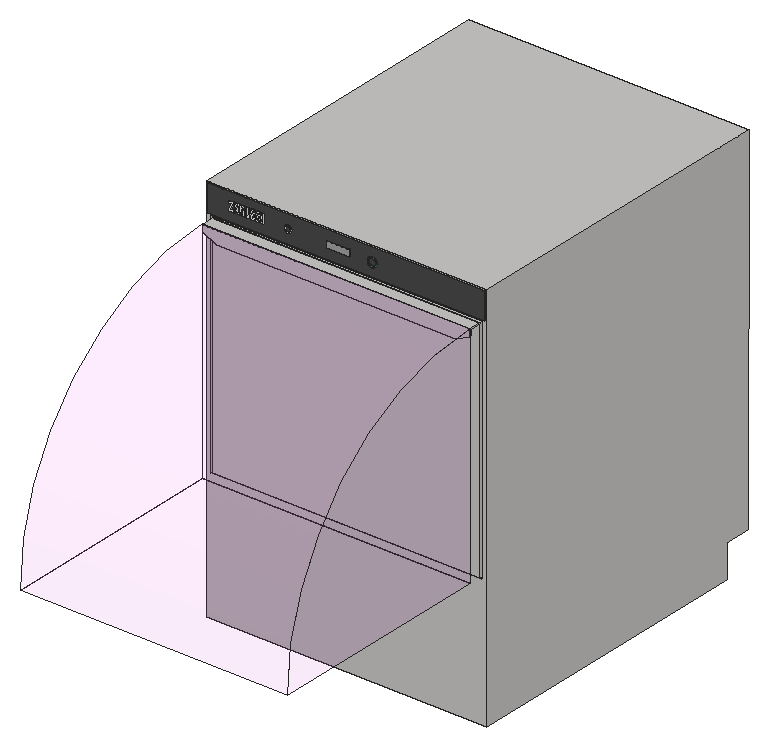
Revit family "QF_ZANUSSI_402315_ZXLIG", category Attrezzature speciali, Revit 2020
Family settings
  Quota connettore circolare = Usa diametro
  Tipo di parte = Normale
  Basato su piano di lavoro = No
  Sempre verticale = Sì
  Taglio con vuoti quando caricato = No
  Condiviso = Sì
  Punto di calcolo locali = No
Parameters (values of type "Standard")
  Weight = 164.244 lbm
  Watts = 6650 W
  Volts = 380 V
  URL Manufacturer = "http://www.zanussiprofessional.com"
  URL = "http://www.zanussiprofessional.com"
  Steam Supply Size = 0"
  Steam Supply Minimum Pressure = 0.00 psi
  Steam Supply Maximum Pressure = 0.00 psi
  Steam Consumption per Hour = 0
  Show Logo [instance] = yes
  Show Clearance [instance] = yes
  Refrigeration Suction Line Size = 0 mm
  Refrigeration Liquid Line Size = 0 mm
  Refrigerant Compressor Remote = yes
  Prospetto di default = 0 mm
  Produttore = "Zanussi"
  Phase = 3
  Modello = "ZXLIG"
  Length Actual = 600 mm  # constant formula
  Item Number = "402315"
  Hot Water Size = 3/4"
  Height Actual = 850 mm  # constant formula
  HP = "8.9 HP"
  Gas Size = 0"
  Gas KW = 0
  Gas Input Pressure = 0.0 Btu/h
  Direct Waste Size = 1.14173"
  Descrizione = "UNDERCOUNTER(XL) DOUBLE SKIN, 600X400, DRAIN PUMP, DETERGENT DISPENSER, 360T/H"
  Depth Actual = 703 mm  # constant formula
  Cycle = 50 Hz
  Condensate Return Size = 0"
  Compressed Air Volume = 0 GPM
  Compressed Air Size = 0"
  Compressed Air Pressure = 0.00 psi
  Cold Water Size = 3/4"
  Accessory = yes
Reference planes
  plane 1 "BACK": y = 0
  plane 2: z = 0
  plane 3 "LEFT": x = 0
  plane 4 "RIGHT": x = 600
  plane 5 "FRONT": y = -703
  plane 6 "TOP": z = 850
  plane 7: z = 80
  plane 8: z = 818.5
Forms (mm)
  Extrusion 1, solid, material "QF_Finishes_Stainless Steel"
    sketch origin (626.404, -56, 162.714) x (1, 0, 0) y (0, 0, 1)
      loop
        line (-392.404, -132.714) -> (-392.404, -152.714) -> (-372.404, -152.714) -> (-372.404, -132.714) -> (-392.404, -132.714)
    from 0 to 2
  Extrusion 2, solid, material "QF_Finishes_Stainless Steel"
    sketch origin (517.814, -53, 209.692) x (1, 0, 0) y (0, 0, 1)
      loop
        circle (-372.814, -140.692) r 8
    from 0 to 5
  Extrusion 3, solid, material "QF_Finishes_Stainless Steel"
    sketch origin (0, 0, 0) x (0, 1, 0) y (0, 0, 1)
      loop
        line (0, 850) -> (-703, 850) -> (-703, 10) -> (-58, 10) -> (-58, 80) -> (0, 80) -> (0, 850)
    from 0 to 600
  Extrusion 4, void
    sketch origin (0, 0, 0) x (0, 1, 0) y (0, 0, 1)
      loop
        line (-673, 787) -> (-703, 787) -> (-703, 290) -> (-673, 290) -> (-673, 787)
    from 7.744 to 591.897
  Extrusion 5, solid, material "QF_Finishes_Stainless Steel"
    sketch origin (0, 0, 0) x (0, 1, 0) y (0, 0, 1)
      loop
        line (-678, 782) -> (-703, 782) -> (-703, 292) -> (-678, 292) -> (-678, 782)
    from 12.721 to 586.909
  Extrusion 6, solid, material "QF_Finishes_Black"
    sketch origin (0, 0, 0) x (0, 1, 0) y (0, 0, 1)
      loop
        line (-703, 790) -> (-703, 847) -> (-703.8, 847) -> (-703.8, 790) -> (-703, 790)
    from 3.223 to 597.012
  Revolve 7, solid, material "QF_Finishes_Door Clearance", visible <- "Show Clearance"
    sketch origin (-5.479, -730, 0) x (1, 0, 0) y (0, 0, 1)
      loop
        line (18.265, 782) -> (18.265, 292) -> (592.547, 292) -> (592.547, 782) -> (18.265, 782)
      axis (592.547, 292) -> (18.265, 292)
    angle from 0 to -90
  Extrusion 8, solid, material "QF_Finishes_Stainless Steel"
    sketch origin (717.814, -53, 209.692) x (1, 0, 0) y (0, 0, 1)
      loop
        circle (-372.814, -140.692) r 8
    from 0 to 5
  Extrusion 9, solid, material "QF_Finishes_White"
    sketch origin (340.42, 40.329, 905.129) x (0, 0, 1) y (-1, 0, 0)
      loop
        circle (-86.629, 165.416) r 6.968
      loop
        circle (-86.629, 165.416) r 5.984
    from 744.129 to 744.929
  Extrusion 10, solid, material "QF_Finishes_Green"
    sketch origin (2.852, -702.527, 759.164) x (0, 0, 1) y (-1, 0, 0)
      loop
        circle (59.336, -352.917) r 10
      loop
        circle (59.336, -352.917) r 8
    from 1.273 to 2.073
  Extrusion 11, solid, material "QF_Finishes_Gray"
    sketch origin (547.744, -700.664, 903) x (0, 0, 1) y (-1, 0, 0)
      loop
        line (-77, 290) -> (-92, 290) -> (-92, 240) -> (-77, 240) -> (-77, 290)
    from 3.136 to 3.936
Cuts and joins
  Extrusion 4 cuts Extrusion 3
Dimensions and locks
  plane 1 "BACK" to plane 5 "FRONT" = 703 mm
  plane 4 "RIGHT" to plane 3 "LEFT" = 600 mm
  plane 6 "TOP" to level = 850 mm
  plane 3 "LEFT" to plane 4 "RIGHT" = 600 mm
  plane 5 "FRONT" to plane 1 "BACK" = 703 mm
  plane 6 "TOP" to plane 2 = 850 mm
  plane 7 to plane 2 = 80 mm
  cut or joined group of Extrusion 3, Extrusion 4 to Revolve 7 = 1220 mm
  aligned and locked: level to plane 2
Nested families
  nested 1: "Piedino 10x12.5 mm - DISHWASHING" at (566.5, -669.5, 0), type "Piedino 10x12.5 mm - DISHWASHING"
  nested 2: "Piedino 10x12.5 mm - DISHWASHING" at (33.5, -669.5, 0) x (-1, 0, 0) z (0, 0, 1), type "Piedino 10x12.5 mm - DISHWASHING"
  nested 3: "Piedino 10x12.5 mm - DISHWASHING" at (566.5, -91.5, 0), type "Piedino 10x12.5 mm - DISHWASHING"
  nested 4: "Piedino 10x12.5 mm - DISHWASHING" at (33.5, -91.5, 0) x (-1, 0, 0) z (0, 0, 1), type "Piedino 10x12.5 mm - DISHWASHING"
  nested 5: "ZANUSSI_Logo - WHITE" at (89.92, -703.8, 869) x (1, 0, 0) z (0, -1, 0), visible <- "Show Logo", Show Logo <- "Show Logo", type "ZANUSSI_Logo - WHITE"
    with Show Logo yes
  nested 6: "MANIGLIA_SLIM_ZANUSSI_DISHWASHING_574" at (299.927, -703, 782) x (1, 0, 0) z (0, -1, 0), type "MANIGLIA_SLIM_ZANUSSI_DISHWASHING_574"
Connectors
  electrical at (244, -56, 20)
    settings: on Extrusion 1, index 3, voltage 0 V, apparent load 0 VA, apparent load phase1 0 VA, apparent load phase2 0 VA, apparent load phase3 0 VA, power factor 1, load classification "Altro", number of poles 1, system type 30, power factor state 1, is connector primary yes, connector utility no, sub classification motor no, connector description "EI"
  piping at (145, -53, 69), diameter 12.7
    settings: on Extrusion 2, index 4, connector inside diameter 24", connector length 0 mm, flow factor 0, pipe flow 0 GPM, pressure drop 0.00 psi, fitting loss kfactor 0, connector angle 0.00°, fixture units 0, engagement length 0 mm, angle of deflection 0.00°, flow configuration 0, flow direction 0, fitting loss method 0, system type 29, joint type 0, gender type 0, connector reference index -1, connector utility 0, adjustable connector no, is connector primary yes, connector description "WI"
  piping at (345, -53, 69), diameter 12.7
    settings: on Extrusion 8, index 5, connector inside diameter 24", connector length 0 mm, flow factor 0, pipe flow 0 GPM, pressure drop 0.00 psi, fitting loss kfactor 0, connector angle 0.00°, fixture units 0, engagement length 0 mm, angle of deflection 0.00°, flow configuration 0, flow direction 0, fitting loss method 0, system type 29, joint type 0, gender type 0, connector reference index -1, connector utility 0, adjustable connector no, is connector primary no, connector description "D"
Definition of nested family "Piedino 10x12.5 mm - DISHWASHING"
  Parameters (values of type "Piedino 10x12.5 mm - DISHWASHING")
    Default Elevation = 0 mm
    P = 930 mm
    L = 400 mm
    H = 290 mm
  Reference planes
    plane 1: y = 0
    plane 2: z = 0
    plane 3: x = 0
    plane 4: z = 290
    plane 5: z = 24
    plane 6: z = 55
  Forms (mm)
    Extrusion 1, solid
      sketch origin (-373.847, 979.72, 0) x (1, 0, 0) y (0, 1, 0)
        loop
          circle (373.847, -979.72) r 12.5
      from 0 to 10
  Dimensions and locks
    "H": plane 4 to level
    plane 4 to plane 5 to level = 266 mm, 24 mm
    level to plane 6 = 55 mm
    aligned and locked: level to plane 2
  Automatic sketch dimensions
    plane 3 to Extrusion 1 sketch curve = 0 mm
    plane 1 to Extrusion 1 sketch curve = 0 mm
    radius of Extrusion 1 sketch curve = 12.5 mm
Definition of nested family "ZANUSSI_Logo - WHITE"
  Parameters (values of type "ZANUSSI_Logo - WHITE")
    Show Logo [instance] = yes
    Default Elevation = 1219.2 mm
  Reference planes
    plane 1 "Center (Front/Back)": y = -49
    plane 2: z = 0
    plane 3 "Center (Left/Right)": x = -9.92
  Forms (mm)
    Extrusion 1, solid
      sketch origin (0, 0, 0) x (1, 0, 0) y (0, 1, 0)
        loop
          line (-1219.2, 1219.2) -> (-1219.2, -1219.2) -> (1219.2, -1219.2) -> (1219.2, 1219.2) -> (-1219.2, 1219.2)
      from 0 to -304.8
    Extrusion 2, solid, visible <- "Show Logo"
      sketch origin (106.353, -215.165, -50) x (1, 0, 0) y (0, 1, 0)
        loop
          line (-137.419, 156.48) -> (-137.419, 160.444) -> (-143.365, 160.444) -> (-137.419, 172.566) -> (-137.419, 175.851) -> (-147.274, 175.851) -> (-147.274, 172.226) -> (-142.063, 172.339) -> (-147.728, 160.444) -> (-147.728, 156.48) -> (-137.419, 156.48)
        loop
          line (-131.729, 163.73) -> (-129.463, 163.73) -> (-130.596, 172.54) -> (-131.729, 163.73)
        loop
          line (-132.748, 156.48) -> (-132.182, 160.218) -> (-128.897, 160.218) -> (-128.33, 156.48) -> (-124.252, 156.48) -> (-127.877, 175.851) -> (-133.315, 175.851) -> (-136.826, 156.48) -> (-132.748, 156.48)
        loop
          line (-123.75, 175.851) -> (-123.75, 156.48) -> (-120.238, 156.48) -> (-120.238, 169.281) -> (-116.953, 156.48) -> (-112.648, 156.48) -> (-112.648, 175.851) -> (-116.273, 175.851) -> (-116.273, 163.503) -> (-119.558, 175.851) -> (-123.75, 175.851)
        loop
          arc (-111.742, 161.27) -> (-106.896, 156.448) -> (-101.433, 160.558) r 5.22
          line (-101.433, 160.558) -> (-101.433, 175.851) -> (-105.398, 175.851) -> (-105.398, 161.464)
          arc (-105.398, 161.464) -> (-106.44, 160.263) -> (-107.777, 161.124) r 1.214
          line (-107.777, 161.124) -> (-107.777, 175.851) -> (-111.742, 175.851) -> (-111.742, 161.27)
        loop
          line (-94.069, 169.734) -> (-90.331, 169.734) -> (-90.269, 171.495)
          arc (-90.269, 171.495) -> (-90.53, 173.458) -> (-91.761, 175.009) r 3.719
          arc (-91.761, 175.009) -> (-95.38, 176.189) -> (-98.998, 175.009) r 6.139
          arc (-98.998, 175.009) -> (-100.474, 172.145) -> (-100.291, 168.927) r 6.125
          arc (-100.291, 168.927) -> (-99.079, 167.149) -> (-97.591, 165.594) r 13.068
          line (-97.591, 165.594) -> (-95.921, 164.113)
          arc (-95.921, 164.113) -> (-94.934, 163.275) -> (-94.167, 162.233) r 5.571
          arc (-94.167, 162.233) -> (-94.357, 160.41) -> (-96.143, 160.003) r 1.573
          arc (-96.143, 160.003) -> (-96.681, 160.547) -> (-96.911, 161.277) r 1.631
          arc (-96.911, 161.277) -> (-96.929, 161.791) -> (-96.911, 162.305) r 7.441
          arc (-96.911, 162.305) -> (-96.895, 162.791) -> (-96.911, 163.277) r 7.03
          line (-96.911, 163.277) -> (-100.866, 163.277)
          arc (-100.866, 163.277) -> (-100.828, 160.504) -> (-99.735, 157.955) r 7.131
          arc (-99.735, 157.955) -> (-94.571, 156.484) -> (-90.221, 159.633) r 6.148
          arc (-90.221, 159.633) -> (-90.141, 162.884) -> (-91.536, 165.823) r 7.021
          line (-91.536, 165.823) -> (-95.882, 169.734)
          arc (-95.882, 169.734) -> (-96.47, 170.472) -> (-96.785, 171.362) r 2.858
          arc (-96.785, 171.362) -> (-95.666, 172.959) -> (-94.069, 171.84) r 1.379
          line (-94.069, 171.84) -> (-94.069, 169.734)
        loop
          line (-82.771, 169.734) -> (-79.033, 169.734) -> (-78.971, 171.495)
          arc (-78.971, 171.495) -> (-79.232, 173.458) -> (-80.463, 175.009) r 3.719
          arc (-80.463, 175.009) -> (-84.081, 176.189) -> (-87.7, 175.009) r 6.139
          arc (-87.7, 175.009) -> (-89.175, 172.145) -> (-88.993, 168.927) r 6.125
          arc (-88.993, 168.927) -> (-87.781, 167.149) -> (-86.293, 165.594) r 13.068
          line (-86.293, 165.594) -> (-84.623, 164.113)
          arc (-84.623, 164.113) -> (-83.636, 163.275) -> (-82.869, 162.233) r 5.571
          arc (-82.869, 162.233) -> (-83.059, 160.41) -> (-84.845, 160.003) r 1.573
          arc (-84.845, 160.003) -> (-85.383, 160.547) -> (-85.613, 161.277) r 1.631
          arc (-85.613, 161.277) -> (-85.631, 161.791) -> (-85.613, 162.305) r 7.441
          arc (-85.613, 162.305) -> (-85.596, 162.791) -> (-85.613, 163.277) r 7.03
          line (-85.613, 163.277) -> (-89.568, 163.277)
          arc (-89.568, 163.277) -> (-89.53, 160.504) -> (-88.437, 157.955) r 7.131
          arc (-88.437, 157.955) -> (-83.272, 156.484) -> (-78.922, 159.633) r 6.148
          arc (-78.922, 159.633) -> (-78.843, 162.884) -> (-80.238, 165.823) r 7.021
          line (-80.238, 165.823) -> (-84.584, 169.734)
          arc (-84.584, 169.734) -> (-85.171, 170.472) -> (-85.486, 171.362) r 2.858
          arc (-85.486, 171.362) -> (-84.368, 172.959) -> (-82.771, 171.84) r 1.379
          line (-82.771, 171.84) -> (-82.771, 169.734)
        loop
          line (-78.21, 175.851) -> (-78.21, 156.48) -> (-74.245, 156.48) -> (-74.245, 175.851) -> (-78.21, 175.851)
      from 50 to 51.6
  Dimensions and locks
    aligned and locked: plane 2 to Extrusion 1
    aligned and locked: level to Extrusion 1
Definition of nested family "MANIGLIA_SLIM_ZANUSSI_DISHWASHING_574"
  Parameters (values of type "MANIGLIA_SLIM_ZANUSSI_DISHWASHING_574")
    Default Elevation = 1219.2 mm
  Reference planes
    plane 1 "Centro (Fronte/Retro)": y = 0
    plane 2: z = 0
    plane 3 "Centro (Sinistra/Destra)": x = 0
    plane 4: x = -287
    plane 5: x = 287
  Forms (mm)
    Extrusion 1, solid
      sketch origin (0, 0, 0) x (1, 0, 0) y (0, 1, 0)
        loop
          line (-1219.2, 1219.2) -> (-1219.2, -1219.2) -> (1219.2, -1219.2) -> (1219.2, 1219.2) -> (-1219.2, 1219.2)
      from 0 to -304.8
    Extrusion 2, solid
      sketch origin (-156.201, -615, 375.702) x (0, 0, -1) y (0, -1, 0)
        loop
          line (375.702, -615) -> (375.702, -612.514) -> (350.702, -612.514) -> (350.702, -586.25) -> (348.202, -586.25) -> (348.202, -615) -> (375.702, -615)
      from 130.799 to -443.201
    Extrusion 3, void
      sketch origin (-297.203, -619.304, -550) x (1, 0, 0) y (0, 1, 0)
        loop
          line (584.203, 590.554) -> (584.203, 604.929) -> (554.203, 590.554) -> (584.203, 590.554)
        loop
          line (10.203, 590.554) -> (40.203, 590.554) -> (10.203, 604.929) -> (10.203, 590.554)
      from 575 to 577.5
  Cuts and joins
    Extrusion 3 cuts Extrusion 2
  Dimensions and locks
    plane 4 to plane 5 = 574 mm
    aligned and locked: plane 2 to Extrusion 1
    aligned and locked: level to Extrusion 1
